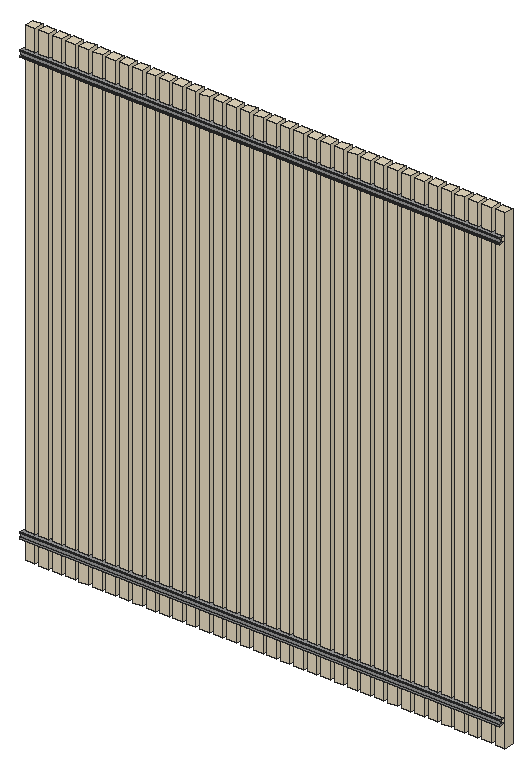
Revit family "HOB_GEN_Torquay_Standard", category Generic Models, Revit 2026
Family settings
  Can host rebar = No
  Round Connector Dimension = Use Diameter
  Part Type = Normal
  Work Plane-Based = No
  Always vertical = Yes
  Cut with Voids When Loaded = No
  Maintain Annotation Orientation = No
  Shared = Yes
  Room Calculation Point = No
Parameters (values of type "Torquay_W392xH1860")
  Width [instance] = 1000 mm
  URL = "https://houseofbamboo.com.au/"
  TotalCost [instance] = (N. PanelsHorizontal * N.PanelsVertical) * PanelCost  # 900
  Support Rail Material = HOB_Black
  SideOffset = 14 mm
  RailTopOffset = 50 mm
  RailSupportHeight [instance] = 900 mm
  RailBottomOffset = 50 mm
  PanelCost = 300  # constant formula
  NumberOfRails [instance] = roundup((Length - (RailBottomOffset + RailTopOffset)) / 1000 mm) + 1  # 2
  NumberOfBattens [instance] = roundup((Width - 2 * SideOffset) / BattenSpacing) + 1  # 36
  N.PanelsVertical [instance] = roundup(Length / 1800 mm)  # 1
  N. PanelsHorizontal [instance] = roundup(Width / 392 mm)  # 3
  Model = "Torquay"
  Manufacturer = "HOB"
  Length [instance] = 1000 mm
  Description = "20x30 mm slat / 392 mm standard width / 1800/2100/2400 mm Standard height"
  Default Elevation = 0 mm
  Cost = 286
  BattensBottomOffset = 0 mm
  BattensTopOffset = 0 mm
  BattensLength [instance] = Length - (BattensTopOffset + BattensBottomOffset)  # 1000 mm
  Battens Material = Bamboo_horizontalGrain
  BattenWidth = 20 mm
  BattenSpacing = 28 mm  # constant formula
  BattenDepth = 20 mm
  BambooVolume [instance] = ((BattenDepth * BattenWidth) * BattensLength) * NumberOfBattens  # 0.0144 m³
Reference planes
  plane 1 "Center (Front/Back)": y = 0
  plane 2: z = 0
  plane 3 "Center (Left/Right)": x = 0
  plane 4: z = 1000
  plane 5: z = 50
  plane 6: z = 950
  plane 7: x = -500
  plane 8: x = 500
  plane 9: z = 950
  plane 10: x = -486
  plane 11: x = 486
  plane 12: z = 0
  plane 13: z = 1000
  plane 14: y = 5
  plane 15: x = -458
Dimensions and locks
  "Length": plane 4 to plane 2
  "RailTopOffset": plane 4 to plane 6
  "RailBottomOffset": plane 5 to level
  equal spacing: plane 8, plane 3 "Center (Left/Right)", plane 7
  "Width": plane 8 to plane 7
  "RailSupportHeight": plane 6 to plane 5
  group 2 to group 3 = 0 mm  (x2)
  group 2 to group 3 = 900 mm
  "SideOffset": plane 7 to plane 10
  "SideOffset": plane 11 to plane 8
  "BattensBottomOffset": plane 12 to plane 2
  "BattensTopOffset": plane 4 to plane 13
  plane 7 to nested 3 to nested 3 = 4 mm, 20 mm
  "BattenSpacing": plane 10 to plane 15
  equal spacing: group 4, group 5, group 6, group 7, group 8, group 9, group 10, group 11, group 12, group 13, group 14, group 15, group 16, group 17, group 18, group 19, group 20, group 21, group 22, group 23, group 24, group 25, group 26, group 27, group 28, group 29, group 30, group 31, group 32, group 33, group 34, group 35, group 36, group 37, group 38, group 39  (x3)
  nested 3 to nested 4 = 8 mm
  aligned and locked: level to plane 2
  aligned and locked: plane 5 to nested 1
  aligned and locked: nested 1 to plane 7
  aligned and locked: plane 9 to plane 6
  aligned and locked: plane 9 to nested 2
  aligned and locked: plane 10 to nested 3
  aligned and locked: nested 2 to plane 7
  aligned and locked: nested 3 to plane 12
  aligned and locked: plane 12 to nested 3
  aligned and locked: nested 3 to plane 1 "Center (Front/Back)"
  aligned and locked: nested 2 to plane 14
  aligned and locked: plane 15 to nested 4
Nested families
  nested 1: "HOB_SupportChannel" at (-500, 0, 50), suport length <- "Width", type "HOB_SupportChannel"
    with suport length 1000 mm
  nested 2: "HOB_SupportChannel" at (-500, 0, 950), suport length <- "Width", type "HOB_SupportChannel"
    with suport length 1000 mm
  nested 3: "HOB_Slat" at (-486, 10, 0), Length <- "BattensLength", type "HOB_20X20_Slat"
    with Length 1000 mm, Bamboo Volume 0.0004 m³
  nested 4: "HOB_Slat" at (-458, 10, 0), Length <- "BattensLength", type "HOB_20X20_Slat"
    with Length 1000 mm, Bamboo Volume 0.0004 m³
  nested 5: "HOB_Slat" at (-430, 10, 0), Length <- "BattensLength", type "HOB_20X20_Slat"
    with Length 1000 mm, Bamboo Volume 0.0004 m³
  nested 6: "HOB_Slat" at (-402, 10, 0), Length <- "BattensLength", type "HOB_20X20_Slat"
    with Length 1000 mm, Bamboo Volume 0.0004 m³
  nested 7: "HOB_Slat" at (-374, 10, 0), Length <- "BattensLength", type "HOB_20X20_Slat"
    with Length 1000 mm, Bamboo Volume 0.0004 m³
  nested 8: "HOB_Slat" at (-346, 10, 0), Length <- "BattensLength", type "HOB_20X20_Slat"
    with Length 1000 mm, Bamboo Volume 0.0004 m³
  nested 9: "HOB_Slat" at (-318, 10, 0), Length <- "BattensLength", type "HOB_20X20_Slat"
    with Length 1000 mm, Bamboo Volume 0.0004 m³
  nested 10: "HOB_Slat" at (-290, 10, 0), Length <- "BattensLength", type "HOB_20X20_Slat"
    with Length 1000 mm, Bamboo Volume 0.0004 m³
  nested 11: "HOB_Slat" at (-262, 10, 0), Length <- "BattensLength", type "HOB_20X20_Slat"
    with Length 1000 mm, Bamboo Volume 0.0004 m³
  nested 12: "HOB_Slat" at (-234, 10, 0), Length <- "BattensLength", type "HOB_20X20_Slat"
    with Length 1000 mm, Bamboo Volume 0.0004 m³
  nested 13: "HOB_Slat" at (-206, 10, 0), Length <- "BattensLength", type "HOB_20X20_Slat"
    with Length 1000 mm, Bamboo Volume 0.0004 m³
  nested 14: "HOB_Slat" at (-178, 10, 0), Length <- "BattensLength", type "HOB_20X20_Slat"
    with Length 1000 mm, Bamboo Volume 0.0004 m³
  nested 15: "HOB_Slat" at (-150, 10, 0), Length <- "BattensLength", type "HOB_20X20_Slat"
    with Length 1000 mm, Bamboo Volume 0.0004 m³
  nested 16: "HOB_Slat" at (-122, 10, 0), Length <- "BattensLength", type "HOB_20X20_Slat"
    with Length 1000 mm, Bamboo Volume 0.0004 m³
  nested 17: "HOB_Slat" at (-94, 10, 0), Length <- "BattensLength", type "HOB_20X20_Slat"
    with Length 1000 mm, Bamboo Volume 0.0004 m³
  nested 18: "HOB_Slat" at (-66, 10, 0), Length <- "BattensLength", type "HOB_20X20_Slat"
    with Length 1000 mm, Bamboo Volume 0.0004 m³
  nested 19: "HOB_Slat" at (-38, 10, 0), Length <- "BattensLength", type "HOB_20X20_Slat"
    with Length 1000 mm, Bamboo Volume 0.0004 m³
  nested 20: "HOB_Slat" at (-10, 10, 0), Length <- "BattensLength", type "HOB_20X20_Slat"
    with Length 1000 mm, Bamboo Volume 0.0004 m³
  nested 21: "HOB_Slat" at (18, 10, 0), Length <- "BattensLength", type "HOB_20X20_Slat"
    with Length 1000 mm, Bamboo Volume 0.0004 m³
  nested 22: "HOB_Slat" at (46, 10, 0), Length <- "BattensLength", type "HOB_20X20_Slat"
    with Length 1000 mm, Bamboo Volume 0.0004 m³
  nested 23: "HOB_Slat" at (74, 10, 0), Length <- "BattensLength", type "HOB_20X20_Slat"
    with Length 1000 mm, Bamboo Volume 0.0004 m³
  nested 24: "HOB_Slat" at (102, 10, 0), Length <- "BattensLength", type "HOB_20X20_Slat"
    with Length 1000 mm, Bamboo Volume 0.0004 m³
  nested 25: "HOB_Slat" at (130, 10, 0), Length <- "BattensLength", type "HOB_20X20_Slat"
    with Length 1000 mm, Bamboo Volume 0.0004 m³
  nested 26: "HOB_Slat" at (158, 10, 0), Length <- "BattensLength", type "HOB_20X20_Slat"
    with Length 1000 mm, Bamboo Volume 0.0004 m³
  nested 27: "HOB_Slat" at (186, 10, 0), Length <- "BattensLength", type "HOB_20X20_Slat"
    with Length 1000 mm, Bamboo Volume 0.0004 m³
  nested 28: "HOB_Slat" at (214, 10, 0), Length <- "BattensLength", type "HOB_20X20_Slat"
    with Length 1000 mm, Bamboo Volume 0.0004 m³
  nested 29: "HOB_Slat" at (242, 10, 0), Length <- "BattensLength", type "HOB_20X20_Slat"
    with Length 1000 mm, Bamboo Volume 0.0004 m³
  nested 30: "HOB_Slat" at (270, 10, 0), Length <- "BattensLength", type "HOB_20X20_Slat"
    with Length 1000 mm, Bamboo Volume 0.0004 m³
  nested 31: "HOB_Slat" at (298, 10, 0), Length <- "BattensLength", type "HOB_20X20_Slat"
    with Length 1000 mm, Bamboo Volume 0.0004 m³
  nested 32: "HOB_Slat" at (326, 10, 0), Length <- "BattensLength", type "HOB_20X20_Slat"
    with Length 1000 mm, Bamboo Volume 0.0004 m³
  nested 33: "HOB_Slat" at (354, 10, 0), Length <- "BattensLength", type "HOB_20X20_Slat"
    with Length 1000 mm, Bamboo Volume 0.0004 m³
  nested 34: "HOB_Slat" at (382, 10, 0), Length <- "BattensLength", type "HOB_20X20_Slat"
    with Length 1000 mm, Bamboo Volume 0.0004 m³
  nested 35: "HOB_Slat" at (410, 10, 0), Length <- "BattensLength", type "HOB_20X20_Slat"
    with Length 1000 mm, Bamboo Volume 0.0004 m³
  nested 36: "HOB_Slat" at (438, 10, 0), Length <- "BattensLength", type "HOB_20X20_Slat"
    with Length 1000 mm, Bamboo Volume 0.0004 m³
  nested 37: "HOB_Slat" at (466, 10, 0), Length <- "BattensLength", type "HOB_20X20_Slat"
    with Length 1000 mm, Bamboo Volume 0.0004 m³
  nested 38: "HOB_Slat" at (494, 10, 0), Length <- "BattensLength", type "HOB_20X20_Slat"
    with Length 1000 mm, Bamboo Volume 0.0004 m³
Definition of nested family "HOB_SupportChannel"
  Parameters (values of type "HOB_SupportChannel")
    suport length [instance] = 1328.353 mm
    Default Elevation = 0 mm
    ChannelMaterial = none
  Reference planes
    plane 1 "Center (Front/Back)": y = 0
    plane 2: z = 0
    plane 3 "Center (Left/Right)": x = 0
    plane 4: x = 1328.353
  Forms (mm)
    Extrusion 1, solid, material <- "ChannelMaterial"
      sketch origin (0, 0, 0) x (0, 1, 0) y (0, 0, 1)
        loop
          line (-10, -6) -> (5, -6) -> (5, -4) -> (-5.5, -4) -> (-5.5, 4) -> (5, 4) -> (5, 6) -> (-10, 6) -> (-10, 4) -> (-7.5, 4) -> (-7.5, -4) -> (-10, -4) -> (-10, -6)
      from 0 to 1328.353
  Dimensions and locks
    "suport length": plane 3 "Center (Left/Right)" to plane 4
    aligned and locked: level to plane 2
    aligned and locked: plane 4 to Extrusion 1
    aligned and locked: Extrusion 1 to plane 3 "Center (Left/Right)"
  Automatic sketch dimensions
    plane 1 "Center (Front/Back)" to Extrusion 1 sketch curve = 10 mm
    Extrusion 1 sketch curve to Extrusion 1 sketch curve = 0 mm  (x2)
    Extrusion 1 sketch curve to Extrusion 1 sketch curve = 2.5 mm
    Extrusion 1 sketch curve to Extrusion 1 sketch curve = 2 mm  (x3)
    Extrusion 1 sketch curve to plane 1 "Center (Front/Back)" = 5 mm  (x2)
    Extrusion 1 sketch curve to level = 6 mm
    level to Extrusion 1 sketch curve = 4 mm  (x2)
Definition of nested family "HOB_Slat"
  Parameters (values of type "HOB_20X20_Slat")
    URL = "https://houseofbamboo.com.au/?srsltid=AfmBOopKvmLmijiXSDxFseqwisUoSKTFilojyS4sN3lgOhkDU0dI4o05"
    Type Comments = "20x20 mm Laminated Bamboo Batten"
    Manufacturer = "House Of Bamboo"
    Length [instance] = 871.114 mm
    Default Elevation = 0 mm
    BattenWidth = 20 mm
    BattenMAterial = none
    BattenDepth = 20 mm
    Bamboo Volume [instance] = (BattenDepth * BattenWidth) * Length  # 0.000348445 m³
  Types (5, lengths in mm): name | BattenWidth | BattenDepth | Bamboo Volume
    HOB_20X20_Slat | 20 | 20 | 0.000348445 m³
    HOB_30X38_Slat | 30 | 38 | 0.00099307 m³
    HOB_30X60_Slat | 30 | 60 | 0.001568 m³
    HOB_17x35_Slat | 17 | 35 | 0.000518313 m³
    HOB_38X30_Slat | 38 | 30 | 0.00099307 m³
  Reference planes
    plane 1 "Center (Front/Back)": y = 0
    plane 2: z = 0
    plane 3 "Center (Left/Right)": x = 0
    plane 4: x = -10
    plane 5: x = 10
    plane 6: y = 10
    plane 7: y = -10
    plane 8: z = 871.114
  Forms (mm)
    Extrusion 1, solid, material <- "BattenMAterial"
      sketch origin (0, 0, 0) x (1, 0, 0) y (0, 1, 0)
        loop
          line (-10, -10) -> (10, -10) -> (10, 10) -> (-10, 10) -> (-10, -10)
      from 0 to 871.114
  Dimensions and locks
    equal spacing: plane 7, plane 1 "Center (Front/Back)", plane 6
    equal spacing: plane 4, plane 3 "Center (Left/Right)", plane 5
    "BattenWidth": plane 4 to plane 5
    "BattenDepth": plane 6 to plane 7
    "Length": plane 8 to plane 2
    aligned and locked: level to plane 2
    aligned and locked: Extrusion 1 sketch curve to plane 7
    aligned and locked: Extrusion 1 sketch curve to plane 4
    aligned and locked: Extrusion 1 sketch curve to plane 6
    aligned and locked: Extrusion 1 sketch curve to plane 5
    aligned and locked: plane 8 to Extrusion 1
